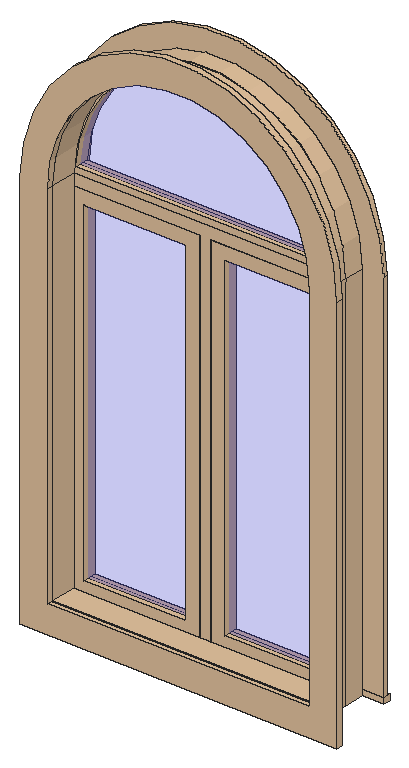
Revit family "a8371ab43caa498593c8ae2cc7525017", category Windows, host Wall, Revit 2021
Family settings
  Host = Wall
  OmniClass Number = 23.30.20.17.21.14
  OmniClass Title = Casement Windows
  Seek Item ID = Combination Rtp with Trim-0000-USA-ENU
  Always vertical = Yes
  Cut with Voids When Loaded = No
  Shared = No
  Room Calculation Point = No
Parameters (values of type "36" x 48"")
  Visual Light Transmittance = 0.9
  Solar Heat Gain Coefficient = 0.86
  Define Thermal Properties by = Schematic Type
  Construction Type Id = ""
  Heat Transfer Coefficient (U) = 0.979472 BTU/(h·ft²·°F)
  Assembly Code = "B2020100"
  Glass Pane Material = Glass
  Height = 4' - 0"
  Sash Material = Sash
  Default Sill Height = 3' - 0"
  Trim Exterior Material = Trim
  Trim Interior Material = Trim
  Trim Projection - Ext. = 0' - 0 1/2"
  Trim Projection - Int. = 0' - 0 3/4"
  Trim Width - Exterior = 0' - 3 1/2"
  Trim Width - Interior = 0' - 3 1/2"
  Wall Closure = By host
  Width = 3' - 0"
  Window Inset = 0' - 0 3/4"
  Analytic Construction = Large single-glazed windows
Types (5): name | Height | Default Sill Height | Width
  (no name) | 4' - 0" | 3' - 0" | 3' - 0"
  36" x 72" | 6' - 0" | 1' - 0" | 3' - 0"
  36" x 48" | 4' - 0" | 3' - 0" | 3' - 0"
  48" x 48" | 4' - 0" | 3' - 0" | 4' - 0"
  48" x 72" | 6' - 0" | 1' - 0" | 4' - 0"
Reference planes (in)
  plane 1: y = 0
  plane 2 "Center": x = 0.31505
  plane 3 "Left": x = 18.31505
  plane 4 "Right": x = -17.68495
  plane 5 "Sill": z = 36
  plane 6: z = 84
  plane 7: z = 84.75
  plane 8: z = 84.75
  plane 9: z = 84.75
  plane 10: z = 84.75
  plane 11: z = 84.75
  plane 12: z = 84.75
  plane 13: z = 84.75
  plane 14 "Radius": z = 60
  plane 15: x = -16.93495
  plane 16: x = -16.43495
  plane 17: x = -20.43495
  plane 18: x = -19.93495
  plane 19: x = 17.06505
  plane 20: x = 17.56505
  plane 21: x = 20.56505
  plane 22: x = 21.06505
  plane 23: z = 33.75
  plane 24: z = 37.25
  plane 25 "Closure": y = 1.125
Forms (in)
  Extrusion 1, solid, material "Sash" <- "Sash Material"
    sketch origin (0.31505, -0.75, 0) x (-1, 0, 0) y (0, 0, 1)
      loop
        line (-18, 84.75) -> (-18, 36) -> (18, 36) -> (18, 84.75)
        arc (18, 84.75) -> (0, 102.75) -> (-18, 84.75) r 18
      loop
        line (-16.75, 84.75) -> (-16.75, 37.25) -> (16.75, 37.25) -> (16.75, 84.75)
        arc (16.75, 84.75) -> (0, 101.5) -> (-16.75, 84.75) r 16.75
    from 1.25 to -2.25
  Extrusion 2, solid, material "Sash" <- "Sash Material"
    sketch origin (0.31505, -0.75, 0) x (-1, 0, 0) y (0, 0, 1)
      loop
        line (0.75, 83.25) -> (0.75, 36.75) -> (17.25, 36.75) -> (17.25, 83.25) -> (0.75, 83.25)
      loop
        line (2.5, 81.5) -> (2.5, 38.5) -> (15.5, 38.5) -> (15.5, 81.5) -> (2.5, 81.5)
    from 1.25 to 3
  Extrusion 3, solid, material "Glass" <- "Glass Pane Material"
    sketch origin (-4.60505, -0.75, -4.60771) x (1, 0, 0) y (0, 0, 1)
      loop
        line (-10.5799, 86.10771) -> (-10.5799, 43.10771) -> (2.4201, 43.10771) -> (2.4201, 86.10771) -> (-10.5799, 86.10771)
    from -2.375 to -1.875
  Extrusion 4, solid, material "Trim" <- "Trim Exterior Material"
    sketch origin (0.31505, -0.75, 0) x (-1, 0, 0) y (0, 0, 1)
      loop
        arc (-17.25, 84.75) -> (0, 102) -> (17.25, 84.75) r 17.25
        line (17.25, 84.75) -> (17.25, 36.75) -> (20.75, 36.75) -> (20.75, 84.75)
        arc (20.75, 84.75) -> (0, 105.5) -> (-20.75, 84.75) r 20.75
        line (-20.75, 84.75) -> (-20.75, 36.75) -> (-17.25, 36.75) -> (-17.25, 84.75)
    from 3.75 to 4.25
  Extrusion 5, solid, material "Trim" <- "Trim Exterior Material"
    sketch origin (0.31505, -0.75, 0) x (-1, 0, 0) y (0, 0, 1)
      loop
        line (-20.75, 36.75) -> (-20.75, 36) -> (20.75, 36) -> (20.75, 36.75) -> (-20.75, 36.75)
    from 3.75 to 4.75
  Extrusion 6, solid, material "Sash" <- "Sash Material"
    sketch origin (0.31505, -0.75, 0) x (1, 0, 0) y (0, 0, 1)
      loop
        line (-0.75, 83.25) -> (-0.75, 36.75) -> (0.75, 36.75) -> (0.75, 83.25) -> (17.25, 83.25) -> (17.25, 84.75) -> (-17.25, 84.75) -> (-17.25, 83.25) -> (-0.75, 83.25)
    from -3.75 to -1.25
  Extrusion 7, solid, material "Sash" <- "Sash Material"
    sketch origin (0.31505, -0.75, 0) x (-1, 0, 0) y (0, 0, 1)
      loop
        line (-17.25, 83.25) -> (-17.25, 36.75) -> (-0.75, 36.75) -> (-0.75, 83.25) -> (-17.25, 83.25)
      loop
        line (-15.5, 81.5) -> (-15.5, 38.5) -> (-2.5, 38.5) -> (-2.5, 81.5) -> (-15.5, 81.5)
    from 1.25 to 3
  Extrusion 8, solid, material "Glass" <- "Glass Pane Material"
    sketch origin (0.31505, -0.75, 0) x (-1, 0, 0) y (0, 0, 1)
      loop
        line (-15.5, 81.5) -> (-15.5, 38.5) -> (-2.5, 38.5) -> (-2.5, 81.5) -> (-15.5, 81.5)
    from 1.875 to 2.375
  Extrusion 9, solid, material "Sash" <- "Sash Material"
    sketch origin (0, -0.75, 0) x (1, 0, 0) y (0, 0, 1)
      loop
        line (-17.68495, 84.75) -> (-17.68495, 36) -> (18.31505, 36) -> (18.31505, 84.75)
        arc (18.31505, 84.75) -> (0.31505, 102.75) -> (-17.68495, 84.75) r 18
      loop
        line (-16.93495, 84.75) -> (-16.93495, 36.75) -> (17.56505, 36.75) -> (17.56505, 84.75)
        arc (17.56505, 84.75) -> (0.31505, 102) -> (-16.93495, 84.75) r 17.25
    from -3.75 to -1.25
  Extrusion 10, solid, material "Sash" <- "Sash Material"
    sketch origin (0, 0, 0) x (-1, 0, 0) y (0, 0, 1)
      loop
        arc (16.93495, 84.75) -> (-0.31505, 102) -> (-17.56505, 84.75) r 17.25
        line (-17.56505, 84.75) -> (16.93495, 84.75)
      loop
        arc (16.17245, 85.5) -> (-0.31505, 101.25455) -> (-16.80254, 85.5) r 16.50455
        line (-16.80254, 85.5) -> (16.17245, 85.5)
    from 0.5 to 2.25
  Extrusion 11, solid, material "Glass" <- "Glass Pane Material"
    sketch origin (0, 0, 0) x (-1, 0, 0) y (0, 0, 1)
      loop
        arc (16.17245, 85.5) -> (-0.31505, 101.25455) -> (-16.80254, 85.5) r 16.50455
        line (-16.80254, 85.5) -> (16.17245, 85.5)
    from 1.125 to 1.625
  Extrusion 12, solid, material "Trim" <- "Trim Interior Material"
    sketch origin (0, 0, 0) x (1, 0, 0) y (0, 0, 1)
      loop
        arc (17.06505, 84.75) -> (0.31505, 101.5) -> (-16.43495, 84.75) r 16.75
        line (-16.43495, 84.75) -> (-16.43495, 37.25) -> (17.06505, 37.25) -> (17.06505, 84.75)
      loop
        arc (20.56505, 84.75) -> (0.31505, 105) -> (-19.93495, 84.75) r 20.25
        line (-19.93495, 84.75) -> (-19.93495, 33.75) -> (20.56505, 33.75) -> (20.56505, 84.75)
    from 3 to 3.75
Lines and regions (in)
  Opening 1
    outline origin (-60, -3, 0) x (1, 0, 0) y (0, 0, 1)
      loop
        line (42.31505, 84.75) -> (42.31505, 36) -> (78.31505, 36) -> (78.31505, 84.75)
        arc (78.31505, 84.75) -> (60.31505, 102.75) -> (42.31505, 84.75) r 18
  symbolic lines, style "Windows"
    curve 1: line (-16.93495, 3, 0) -> (-16.93495, 0.5, 0)
    curve 2: line (-16.43495, 0.5, 0) -> (-16.43495, -3, 0)
    curve 3: line (-17.68495, 3, 0) -> (-16.93495, 3, 0)
    curve 4: line (-16.43495, 0.5, 0) -> (-16.93495, 0.5, 0)
    curve 5: line (-16.43495, -3, 0) -> (-17.68495, -3, 0)
    curve 6: line (-16.93495, 2.25, 0) -> (-15.18495, 2.25, 0)
    curve 7: line (-16.93495, 2.25, 0) -> (-16.93495, 0.5, 0)
    curve 8: line (-16.93495, 0.5, 0) -> (-15.18495, 0.5, 0)
    curve 9: line (-15.18495, 2.25, 0) -> (-15.18495, 0.5, 0)
    curve 10: line (17.56505, 3, 0) -> (17.56505, 0.5, 0)
    curve 11: line (17.06505, 0.5, 0) -> (17.06505, -3, 0)
    curve 12: line (15.81505, 2.25, 0) -> (15.81505, 0.5, 0)
    curve 13: line (17.56505, 3, 0) -> (18.31505, 3, 0)
    curve 14: line (15.81505, 2.25, 0) -> (17.56505, 2.25, 0)
    curve 15: line (15.81505, 0.5, 0) -> (17.56505, 0.5, 0)
    curve 16: line (17.06505, -3, 0) -> (18.31505, -3, 0)
    curve 17: line (-2.18495, 0.5, 0) -> (-2.18495, 2.25, 0)
    curve 18: line (-2.18495, 2.25, 0) -> (-0.43495, 2.25, 0)
    curve 19: line (-0.43495, 2.25, 0) -> (-0.43495, 3, 0)
    curve 20: line (-0.43495, 3, 0) -> (1.06505, 3, 0)
    curve 21: line (1.06505, 3, 0) -> (1.06505, 2.25, 0)
    curve 22: line (1.06505, 2.25, 0) -> (2.81505, 2.25, 0)
    curve 23: line (2.81505, 2.25, 0) -> (2.81505, 0.5, 0)
    curve 24: line (2.81505, 0.5, 0) -> (-2.18495, 0.5, 0)
    curve 25: line (-0.43495, 2.25, 0) -> (-0.43495, 0.5, 0)
    curve 26: line (1.06505, 2.25, 0) -> (1.06505, 0.5, 0)
    curve 27: line (-15.18495, 1.375, 0) -> (-2.18495, 1.375, 0)
    curve 28: line (2.81505, 1.375, 0) -> (15.81505, 1.375, 0)
  symbolic lines, style "Elevation Swing"
    curve 29: line (1.06505, 0, 83.25) -> (17.56505, 0, 60)
    curve 30: line (17.56505, 0, 60) -> (1.06505, 0, 36.75)
    curve 31: line (-0.43495, 0, 83.25) -> (-16.93495, 0, 60)
    curve 32: line (-16.93495, 0, 60) -> (-0.43495, 0, 36.75)
Text (in)
  text "Exterior" at (0, 40.15149, 123.01588), in view "Right"
  text "Exterior" at (-70.3804, 28.46503, 0), in view "Floor Line"
  text "Exterior" at (0, 47.49176, 128.39426), in view "Left"
Dimensions and locks (in)
  equal spacing: plane 4 "Right", plane 2 "Center", plane 3 "Left"
  "Default Sill Height": host wall to plane 5 "Sill"
  locked: plane 6 to plane 7 at 0.75
  locked: plane 6 to plane 8 at 0.75
  locked: plane 6 to plane 9 at 0.75
  locked: plane 6 to plane 10 at 0.75
  locked: plane 6 to plane 11 at 0.75
  locked: plane 6 to plane 12 at 0.75
  locked: Extrusion 6 to Extrusion 2 at 0.75
  "Trim Projection - Ext.": Extrusion 4 to Extrusion 4
  locked: Extrusion 5 to Extrusion 4 at 0.5
  locked: Extrusion 2 to Extrusion 2 at 1.75
  locked: Extrusion 2 to Extrusion 3 at 0.625
  locked: Extrusion 3 to Extrusion 3 at 0.5
  locked: Extrusion 6 to Extrusion 6 at 2.5
  "Trim Projection - Int.": Extrusion 12 to Extrusion 12
  "Window Inset": Extrusion 4 to Extrusion 10
  equal spacing: plane 5 "Sill", plane 14 "Radius", plane 6
  locked: plane 13 to plane 6 at 0.75
  locked: plane 20 to plane 3 "Left" at 0.75
  locked: plane 19 to plane 3 "Left" at 1.25
  locked: plane 4 "Right" to plane 15 at 0.75
  locked: plane 4 "Right" to plane 16 at 1.25
  "Trim Width - Exterior": plane 22 to plane 20
  "Trim Width - Exterior": plane 15 to plane 17
  locked: plane 24 to plane 5 "Sill" at 1.25
  "Trim Width - Interior": plane 24 to plane 23
  "Trim Width - Interior": plane 16 to plane 18
  "Trim Width - Interior": plane 21 to plane 19
  locked: Extrusion 5 sketch curve to Extrusion 5 sketch curve at 0.75
  "Width": plane 4 "Right" to plane 3 "Left"
  "Height": plane 5 "Sill" to plane 6
  locked: plane 25 "Closure" to host wall at 1.875
  aligned and locked: plane 4 "Right" to Opening 1 sketch curve  (x2)
  aligned and locked: plane 3 "Left" to Opening 1 sketch curve
  aligned and locked: Extrusion 3 sketch curve to Extrusion 2  (x4)
  aligned and locked: Extrusion 5 sketch curve to Extrusion 4
  aligned and locked: Extrusion 2 sketch curve to Extrusion 6
  aligned and locked: Extrusion 7 sketch curve to Extrusion 6  (x2)
  aligned and locked: Extrusion 8 sketch curve to Extrusion 7  (x4)
  aligned and locked: plane 8 to Extrusion 4 sketch curve  (x2)
  aligned and locked: Extrusion 4 sketch curve to plane 8
  aligned and locked: Extrusion 9 sketch curve to Extrusion 4  (x3)
  aligned and locked: Extrusion 9 sketch curve to plane 3 "Left"
  aligned and locked: Extrusion 9 sketch curve to plane 4 "Right"
  aligned and locked: Extrusion 1 sketch curve to Extrusion 9  (x2)
  aligned and locked: Extrusion 9 to Extrusion 1
  aligned and locked: Extrusion 10 sketch curve to Extrusion 4  (x2)
  aligned and locked: Extrusion 10 to Extrusion 1
  aligned and locked: Extrusion 6 sketch curve to Extrusion 4  (x2)
  aligned and locked: Extrusion 11 sketch curve to Extrusion 10  (x2)
  aligned and locked: Extrusion 11 to Extrusion 3
  aligned and locked: Extrusion 5 to host wall
  aligned and locked: Extrusion 2 to Extrusion 7
  aligned and locked: Extrusion 10 to Extrusion 2
  aligned and locked: host wall to Extrusion 9
  aligned and locked: Extrusion 4 to host wall
  aligned and locked: host wall to Extrusion 1
  aligned and locked: Extrusion 3 to Extrusion 11
  aligned and locked: Extrusion 8 to Extrusion 3  (x2)
  aligned and locked: Extrusion 9 to Extrusion 2
  aligned and locked: Extrusion 6 to Extrusion 1  (x4)
  aligned and locked: Extrusion 7 to Extrusion 1
  aligned and locked: curve 1 to Extrusion 6
  aligned and locked: Extrusion 9 to curve 3
  aligned and locked: Extrusion 9 to curve 10
  aligned and locked: curve 11 to Extrusion 1
  aligned and locked: curve 12 to Extrusion 7
  aligned and locked: curve 25 to Extrusion 2
  aligned and locked: curve 26 to Extrusion 7
  aligned and locked: Extrusion 1 to curve 16
  aligned and locked: Extrusion 4 to curve 3
  aligned and locked: Extrusion 4 to curve 13
  aligned and locked: curve 5 to Extrusion 1
  aligned and locked: Extrusion 12 sketch curve to Extrusion 1  (x3)
  aligned and locked: plane 13 to Extrusion 12 sketch curve
  aligned and locked: Extrusion 12 to host wall
  aligned and locked: curve 6 to Extrusion 2
  aligned and locked: Extrusion 1 to curve 24
  aligned and locked: curve 22 to Extrusion 7
  aligned and locked: curve 15 to Extrusion 1
  aligned and locked: curve 14 to Extrusion 7
  aligned and locked: curve 8 to Extrusion 1
  aligned and locked: Extrusion 1 to curve 4
  aligned and locked: curve 18 to Extrusion 2
  aligned and locked: curve 27 to curve 28
Automatic sketch dimensions
  Opening 1 sketch curve to plane 5 "Sill" = 0' - 0"
  Opening 1 sketch curve to plane 7 = 0' - 0"
  Extrusion 2 sketch curve to Extrusion 2 sketch curve = 0' - 1 3/4"  (x2)
  plane 4 "Right" to Extrusion 2 sketch curve = 0' - 2 1/2"
  plane 4 "Right" to Extrusion 2 sketch curve = 0' - 0 3/4"
  Extrusion 2 sketch curve to plane 5 "Sill" = 0' - 0 3/4"
  plane 6 to Extrusion 2 sketch curve = 0' - 2 1/2"
  plane 6 to Extrusion 2 sketch curve = 0' - 0 3/4"
  plane 2 "Center" to Extrusion 7 sketch curve = 0' - 2 1/2"
  Extrusion 7 sketch curve to plane 3 "Left" = 0' - 2 1/2"
  Extrusion 7 sketch curve to plane 3 "Left" = 0' - 0 3/4"
  Extrusion 7 sketch curve to Extrusion 7 sketch curve = 0' - 1 3/4"
  plane 6 to Extrusion 7 sketch curve = 0' - 2 1/2"
  plane 6 to Extrusion 7 sketch curve = 0' - 0 3/4"
  Extrusion 9 sketch curve to plane 5 "Sill" = 0' - 0"
  Extrusion 9 sketch curve to plane 9 = 0' - 0"
  Extrusion 9 sketch curve to plane 5 "Sill" = 0' - 0 3/4"
  Extrusion 1 sketch curve to plane 3 "Left" = 0' - 0"
  Extrusion 1 sketch curve to plane 10 = 0' - 0"
  Extrusion 1 sketch curve to plane 2 "Center" = 0' - 0"
  Extrusion 1 sketch curve to plane 5 "Sill" = 0' - 0"
  Extrusion 1 sketch curve to plane 5 "Sill" = 0' - 1 1/4"
  Extrusion 1 sketch curve to Extrusion 1 sketch curve = 0' - 1 1/4"
  Extrusion 10 sketch curve to plane 2 "Center" = 0' - 0"  (x2)
  Extrusion 10 sketch curve to Extrusion 10 sketch curve = 0' - 0.7625"  (x2)
  Extrusion 10 sketch curve to Extrusion 10 sketch curve = 0' - 0"
  Extrusion 10 sketch curve to plane 12 = 0' - 0"
  Extrusion 10 sketch curve to Extrusion 10 sketch curve = 0' - 0 3/4"
  Extrusion 6 sketch curve to plane 11 = 0' - 0"
  plane 2 "Center" to Extrusion 6 sketch curve = 0' - 0 3/4"
  Extrusion 6 sketch curve to plane 2 "Center" = 0' - 0 3/4"
  plane 6 to Extrusion 6 sketch curve = 0' - 0 3/4"  (x2)
  Extrusion 6 sketch curve to plane 5 "Sill" = 0' - 0 3/4"
  Extrusion 11 sketch curve to plane 2 "Center" = 0' - 0"
  Extrusion 11 sketch curve to plane 3 "Left" = 0' - 1.5125"
  Extrusion 11 sketch curve to plane 6 = 0' - 0 3/4"
  curve 5 to plane 4 "Right" = 0' - 0"
  curve 13 to plane 3 "Left" = 0' - 0"
  curve 16 to plane 3 "Left" = 0' - 0"
  plane 4 "Right" to curve 2 = 0' - 1 1/4"
  curve 6 to curve 6 = 0' - 1 3/4"
  curve 27 to curve 25 = 0' - 1 3/4"
  curve 26 to curve 23 = 0' - 1 3/4"
  curve 28 to curve 22 = 0' - 0 7/8"
  curve 18 to curve 19 = 0' - 0 3/4"
  Extrusion 12 sketch curve to plane 18 = 0' - 0"
  Extrusion 12 sketch curve to plane 16 = 0' - 0"
  Extrusion 12 sketch curve to plane 2 "Center" = 0' - 0"
  Extrusion 12 sketch curve to plane 23 = 0' - 0"
  Extrusion 12 sketch curve to plane 24 = 0' - 0"
  Extrusion 5 sketch curve to plane 5 "Sill" = 0' - 0"
  Extrusion 5 sketch curve to plane 17 = 0' - 0"
  Extrusion 4 sketch curve to plane 22 = 0' - 0"
  Extrusion 4 sketch curve to plane 20 = 0' - 0"
  Extrusion 4 sketch curve to plane 2 "Center" = 0' - 0"  (x2)
  Extrusion 4 sketch curve to plane 5 "Sill" = 0' - 0 3/4"  (x2)
  curve 32 to plane 14 "Radius" = 0' - 0"
  curve 30 to plane 14 "Radius" = 0' - 0"
  curve 32 to plane 15 = 0' - 0"
  curve 30 to plane 20 = 0' - 0"
  plane 6 to curve 29 = 0' - 0 3/4"
  plane 6 to curve 31 = 0' - 0 3/4"
  plane 24 to curve 32 = 0' - 0 1/2"
  plane 24 to curve 30 = 0' - 0 1/2"
  curve 31 to plane 2 "Center" = 0' - 0 3/4"
  curve 32 to plane 2 "Center" = 0' - 0 3/4"
  plane 2 "Center" to curve 30 = 0' - 0 3/4"
  plane 2 "Center" to curve 29 = 0' - 0 3/4"
